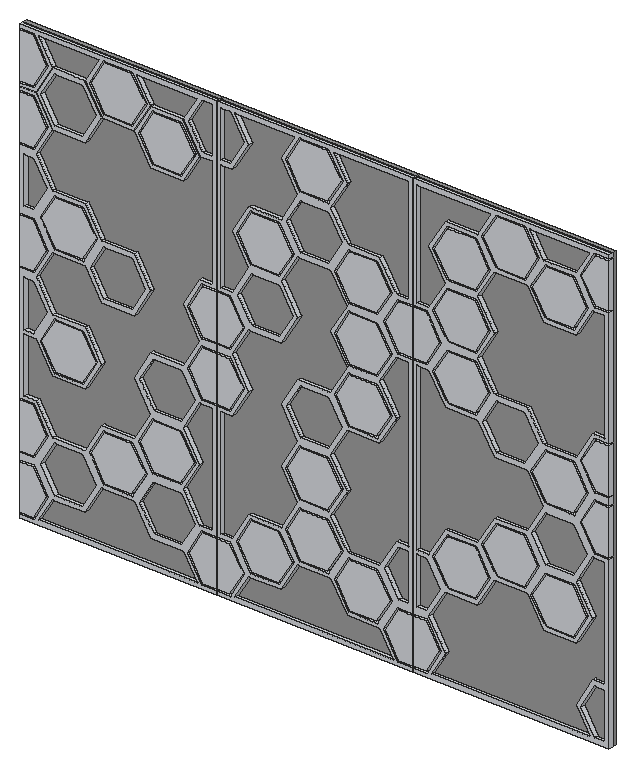
Revit family "SUR-PGL-018_HEX LATTICE_RFA", category Modelos genéricos, Revit 2022
Family settings
  Puede alojar armadura = No
  Cota de conector redondo = Diámetro de uso
  Tipo de pieza = Normal
  Se basa en plano de trabajo = No
  Siempre vertical = Sí
  Corte con vacíos al cargar = No
  Mantener orientación de anotación = No
  Compartido = No
  Punto de cálculo de habitación = No
Parameters
  Elevación por defecto = 0.00"
Reference planes (in)
  plane 1 "Centro (Frontal/Posterior)": y = 0
  plane 2: z = 0
  plane 3 "Centro (Izquierda/Derecha)": x = 0
Forms (in)
  Extrusion 1, solid, not visible
    sketch origin (0, 0, 0) x (1, 0, 0) y (0, 1, 0)
      loop
        line (0, 2.25) -> (0, 0) -> (108, 0) -> (108, 2.25) -> (0, 2.25)
    from 0 to 8
  Extrusion 2, solid, not visible
    sketch origin (0, 0, 0) x (1, 0, 0) y (0, 1, 0)
      loop
        line (0, 2.25) -> (0, 0) -> (108, 0) -> (108, 2.25) -> (0, 2.25)
    from 0 to 8
  Extrusion 3, solid, not visible
    sketch origin (0, 8, 0) x (1, 0, 0) y (0, 1, 0)
      loop
        line (0, 2.25) -> (0, 0) -> (108, 0) -> (108, 2.25) -> (0, 2.25)
    from 0 to 8
  Extrusion 4, solid, not visible
    sketch origin (0, 16, 0) x (1, 0, 0) y (0, 1, 0)
      loop
        line (0, 2.25) -> (0, 0) -> (108, 0) -> (108, 2.25) -> (0, 2.25)
    from 0 to 8
  Extrusion 5, solid, not visible
    sketch origin (0, 24, 0) x (1, 0, 0) y (0, 1, 0)
      loop
        line (0, 2.25) -> (0, 0) -> (108, 0) -> (108, 2.25) -> (0, 2.25)
    from 0 to 8
  Extrusion 6, solid, not visible
    sketch origin (0, 32, 0) x (1, 0, 0) y (0, 1, 0)
      loop
        line (0, 2.25) -> (0, 0) -> (108, 0) -> (108, 2.25) -> (0, 2.25)
    from 0 to 8
  Extrusion 7, solid, not visible
    sketch origin (0, 40, 0) x (1, 0, 0) y (0, 1, 0)
      loop
        line (0, 2.25) -> (0, 0) -> (108, 0) -> (108, 2.25) -> (0, 2.25)
    from 0 to 8
  Extrusion 8, solid, not visible
    sketch origin (0, 48, 0) x (1, 0, 0) y (0, 1, 0)
      loop
        line (0, 2.25) -> (0, 0) -> (108, 0) -> (108, 2.25) -> (0, 2.25)
    from 0 to 8
  Extrusion 9, solid, not visible
    sketch origin (0, 56, 0) x (1, 0, 0) y (0, 1, 0)
      loop
        line (0, 2.25) -> (0, 0) -> (108, 0) -> (108, 2.25) -> (0, 2.25)
    from 0 to 8
  Extrusion 10, solid, not visible
    sketch origin (0, 64, 0) x (1, 0, 0) y (0, 1, 0)
      loop
        line (0, 2.25) -> (0, 0) -> (108, 0) -> (108, 2.25) -> (0, 2.25)
    from 0 to 8
  Extrusion 11, solid, not visible
    sketch origin (0, 72, 0) x (1, 0, 0) y (0, 1, 0)
      loop
        line (0, 2.25) -> (0, 0) -> (108, 0) -> (108, 2.25) -> (0, 2.25)
    from 0 to 8
  Extrusion 12, solid, not visible
    sketch origin (0, 80, 0) x (1, 0, 0) y (0, 1, 0)
      loop
        line (0, 2.25) -> (0, 0) -> (108, 0) -> (108, 2.25) -> (0, 2.25)
    from 0 to 8
  Extrusion 13, solid, not visible
    sketch origin (0, 88, 0) x (1, 0, 0) y (0, 1, 0)
      loop
        line (0, 2.25) -> (0, 0) -> (108, 0) -> (108, 2.25) -> (0, 2.25)
    from 0 to 8
  Extrusion 14, solid, not visible
    sketch origin (0, 96, 0) x (1, 0, 0) y (0, 1, 0)
      loop
        line (0, 2.25) -> (0, 0) -> (108, 0) -> (108, 2.25) -> (0, 2.25)
    from 0 to 8
  Extrusion 15, solid, not visible
    sketch origin (0, 104, 0) x (1, 0, 0) y (0, 1, 0)
      loop
        line (0, 2.25) -> (0, 0) -> (108, 0) -> (108, 2.25) -> (0, 2.25)
    from 0 to 8
  Extrusion 16, solid, not visible
    sketch origin (0, 112, 0) x (1, 0, 0) y (0, 1, 0)
      loop
        line (0, 2.25) -> (0, 0) -> (108, 0) -> (108, 2.25) -> (0, 2.25)
    from 0 to 8
  Extrusion 17, solid, not visible
    sketch origin (0, 120, 0) x (1, 0, 0) y (0, 1, 0)
      loop
        line (0, 2.25) -> (0, 0) -> (108, 0) -> (108, 2.25) -> (0, 2.25)
    from 0 to 8
  Extrusion 18, solid, not visible
    sketch origin (0, 128, 0) x (1, 0, 0) y (0, 1, 0)
      loop
        line (0, 2.25) -> (0, 0) -> (108, 0) -> (108, 2.25) -> (0, 2.25)
    from 0 to 8
  Extrusion 19, solid, not visible
    sketch origin (0, 136, 0) x (1, 0, 0) y (0, 1, 0)
      loop
        line (0, 2.25) -> (0, 0) -> (108, 0) -> (108, 2.25) -> (0, 2.25)
    from 0 to 8
  Extrusion 20, solid, not visible
    sketch origin (0, 144, 0) x (1, 0, 0) y (0, 1, 0)
      loop
        line (0, 2.25) -> (0, 0) -> (108, 0) -> (108, 2.25) -> (0, 2.25)
    from 0 to 8
  Extrusion 21, solid, not visible
    sketch origin (0, 152, 0) x (1, 0, 0) y (0, 1, 0)
      loop
        line (0, 2.25) -> (0, 0) -> (108, 0) -> (108, 2.25) -> (0, 2.25)
    from 0 to 8
  Extrusion 22, solid, not visible
    sketch origin (109, 0, 0) x (1, 0, 0) y (0, 1, 0)
      loop
        line (0, 2.25) -> (0, 0) -> (108, 0) -> (108, 2.25) -> (0, 2.25)
    from 0 to 8
  Extrusion 23, solid, not visible
    sketch origin (109, 8, 0) x (1, 0, 0) y (0, 1, 0)
      loop
        line (0, 2.25) -> (0, 0) -> (108, 0) -> (108, 2.25) -> (0, 2.25)
    from 0 to 8
  Extrusion 24, solid, not visible
    sketch origin (109, 16, 0) x (1, 0, 0) y (0, 1, 0)
      loop
        line (0, 2.25) -> (0, 0) -> (108, 0) -> (108, 2.25) -> (0, 2.25)
    from 0 to 8
  Extrusion 25, solid, not visible
    sketch origin (109, 24, 0) x (1, 0, 0) y (0, 1, 0)
      loop
        line (0, 2.25) -> (0, 0) -> (108, 0) -> (108, 2.25) -> (0, 2.25)
    from 0 to 8
  Extrusion 26, solid, not visible
    sketch origin (109, 32, 0) x (1, 0, 0) y (0, 1, 0)
      loop
        line (0, 2.25) -> (0, 0) -> (108, 0) -> (108, 2.25) -> (0, 2.25)
    from 0 to 8
  Extrusion 27, solid, not visible
    sketch origin (109, 40, 0) x (1, 0, 0) y (0, 1, 0)
      loop
        line (0, 2.25) -> (0, 0) -> (108, 0) -> (108, 2.25) -> (0, 2.25)
    from 0 to 8
  Extrusion 28, solid, not visible
    sketch origin (109, 48, 0) x (1, 0, 0) y (0, 1, 0)
      loop
        line (0, 2.25) -> (0, 0) -> (108, 0) -> (108, 2.25) -> (0, 2.25)
    from 0 to 8
  Extrusion 29, solid, not visible
    sketch origin (109, 56, 0) x (1, 0, 0) y (0, 1, 0)
      loop
        line (0, 2.25) -> (0, 0) -> (108, 0) -> (108, 2.25) -> (0, 2.25)
    from 0 to 8
  Extrusion 30, solid, not visible
    sketch origin (109, 64, 0) x (1, 0, 0) y (0, 1, 0)
      loop
        line (0, 2.25) -> (0, 0) -> (108, 0) -> (108, 2.25) -> (0, 2.25)
    from 0 to 8
  Extrusion 31, solid, not visible
    sketch origin (109, 72, 0) x (1, 0, 0) y (0, 1, 0)
      loop
        line (0, 2.25) -> (0, 0) -> (108, 0) -> (108, 2.25) -> (0, 2.25)
    from 0 to 8
  Extrusion 32, solid, not visible
    sketch origin (109, 80, 0) x (1, 0, 0) y (0, 1, 0)
      loop
        line (0, 2.25) -> (0, 0) -> (108, 0) -> (108, 2.25) -> (0, 2.25)
    from 0 to 8
  Extrusion 33, solid, not visible
    sketch origin (109, 88, 0) x (1, 0, 0) y (0, 1, 0)
      loop
        line (0, 2.25) -> (0, 0) -> (108, 0) -> (108, 2.25) -> (0, 2.25)
    from 0 to 8
  Extrusion 34, solid, not visible
    sketch origin (109, 96, 0) x (1, 0, 0) y (0, 1, 0)
      loop
        line (0, 2.25) -> (0, 0) -> (108, 0) -> (108, 2.25) -> (0, 2.25)
    from 0 to 8
  Extrusion 35, solid, not visible
    sketch origin (109, 104, 0) x (1, 0, 0) y (0, 1, 0)
      loop
        line (0, 2.25) -> (0, 0) -> (108, 0) -> (108, 2.25) -> (0, 2.25)
    from 0 to 8
  Extrusion 36, solid, not visible
    sketch origin (109, 112, 0) x (1, 0, 0) y (0, 1, 0)
      loop
        line (0, 2.25) -> (0, 0) -> (108, 0) -> (108, 2.25) -> (0, 2.25)
    from 0 to 8
  Extrusion 37, solid, not visible
    sketch origin (109, 120, 0) x (1, 0, 0) y (0, 1, 0)
      loop
        line (0, 2.25) -> (0, 0) -> (108, 0) -> (108, 2.25) -> (0, 2.25)
    from 0 to 8
  Extrusion 38, solid, not visible
    sketch origin (109, 128, 0) x (1, 0, 0) y (0, 1, 0)
      loop
        line (0, 2.25) -> (0, 0) -> (108, 0) -> (108, 2.25) -> (0, 2.25)
    from 0 to 8
  Extrusion 39, solid, not visible
    sketch origin (109, 136, 0) x (1, 0, 0) y (0, 1, 0)
      loop
        line (0, 2.25) -> (0, 0) -> (108, 0) -> (108, 2.25) -> (0, 2.25)
    from 0 to 8
  Extrusion 40, solid, not visible
    sketch origin (109, 144, 0) x (1, 0, 0) y (0, 1, 0)
      loop
        line (0, 2.25) -> (0, 0) -> (108, 0) -> (108, 2.25) -> (0, 2.25)
    from 0 to 8
  Extrusion 41, solid, not visible
    sketch origin (109, 152, 0) x (1, 0, 0) y (0, 1, 0)
      loop
        line (0, 2.25) -> (0, 0) -> (108, 0) -> (108, 2.25) -> (0, 2.25)
    from 0 to 8
  Extrusion 42, solid, not visible
    sketch origin (-108, 0, 0) x (1, 0, 0) y (0, 1, 0)
      loop
        line (0, 2.25) -> (0, 0) -> (108, 0) -> (108, 2.25) -> (0, 2.25)
    from 0 to 8
  Extrusion 43, solid, not visible
    sketch origin (-108, 8, 0) x (1, 0, 0) y (0, 1, 0)
      loop
        line (0, 2.25) -> (0, 0) -> (108, 0) -> (108, 2.25) -> (0, 2.25)
    from 0 to 8
  Extrusion 44, solid, not visible
    sketch origin (-108, 16, 0) x (1, 0, 0) y (0, 1, 0)
      loop
        line (0, 2.25) -> (0, 0) -> (108, 0) -> (108, 2.25) -> (0, 2.25)
    from 0 to 8
  Extrusion 45, solid, not visible
    sketch origin (-108, 24, 0) x (1, 0, 0) y (0, 1, 0)
      loop
        line (0, 2.25) -> (0, 0) -> (108, 0) -> (108, 2.25) -> (0, 2.25)
    from 0 to 8
  Extrusion 46, solid, not visible
    sketch origin (-108, 32, 0) x (1, 0, 0) y (0, 1, 0)
      loop
        line (0, 2.25) -> (0, 0) -> (108, 0) -> (108, 2.25) -> (0, 2.25)
    from 0 to 8
  Extrusion 47, solid, not visible
    sketch origin (-108, 40, 0) x (1, 0, 0) y (0, 1, 0)
      loop
        line (0, 2.25) -> (0, 0) -> (108, 0) -> (108, 2.25) -> (0, 2.25)
    from 0 to 8
  Extrusion 48, solid, not visible
    sketch origin (1, 0, 0) x (1, 0, 0) y (0, 1, 0)
      loop
        line (0, 2.25) -> (0, 0) -> (108, 0) -> (108, 2.25) -> (0, 2.25)
    from 0 to 8
  Extrusion 49, solid, not visible
    sketch origin (1, 8, 0) x (1, 0, 0) y (0, 1, 0)
      loop
        line (0, 2.25) -> (0, 0) -> (108, 0) -> (108, 2.25) -> (0, 2.25)
    from 0 to 8
  Extrusion 50, solid, not visible
    sketch origin (1, 16, 0) x (1, 0, 0) y (0, 1, 0)
      loop
        line (0, 2.25) -> (0, 0) -> (108, 0) -> (108, 2.25) -> (0, 2.25)
    from 0 to 8
  Extrusion 51, solid, not visible
    sketch origin (1, 24, 0) x (1, 0, 0) y (0, 1, 0)
      loop
        line (0, 2.25) -> (0, 0) -> (108, 0) -> (108, 2.25) -> (0, 2.25)
    from 0 to 8
  Extrusion 52, solid, not visible
    sketch origin (1, 32, 0) x (1, 0, 0) y (0, 1, 0)
      loop
        line (0, 2.25) -> (0, 0) -> (108, 0) -> (108, 2.25) -> (0, 2.25)
    from 0 to 8
  Extrusion 53, solid, not visible
    sketch origin (1, 40, 0) x (1, 0, 0) y (0, 1, 0)
      loop
        line (0, 2.25) -> (0, 0) -> (108, 0) -> (108, 2.25) -> (0, 2.25)
    from 0 to 8
  Extrusion 54, solid, not visible
    sketch origin (-108, 48, 0) x (1, 0, 0) y (0, 1, 0)
      loop
        line (0, 2.25) -> (0, 0) -> (108, 0) -> (108, 2.25) -> (0, 2.25)
    from 0 to 8
  Extrusion 55, solid, not visible
    sketch origin (-108, 56, 0) x (1, 0, 0) y (0, 1, 0)
      loop
        line (0, 2.25) -> (0, 0) -> (108, 0) -> (108, 2.25) -> (0, 2.25)
    from 0 to 8
  Extrusion 56, solid, not visible
    sketch origin (-108, 64, 0) x (1, 0, 0) y (0, 1, 0)
      loop
        line (0, 2.25) -> (0, 0) -> (108, 0) -> (108, 2.25) -> (0, 2.25)
    from 0 to 8
  Extrusion 57, solid, not visible
    sketch origin (-108, 72, 0) x (1, 0, 0) y (0, 1, 0)
      loop
        line (0, 2.25) -> (0, 0) -> (108, 0) -> (108, 2.25) -> (0, 2.25)
    from 0 to 8
  Extrusion 58, solid, not visible
    sketch origin (-108, 80, 0) x (1, 0, 0) y (0, 1, 0)
      loop
        line (0, 2.25) -> (0, 0) -> (108, 0) -> (108, 2.25) -> (0, 2.25)
    from 0 to 8
  Extrusion 59, solid, not visible
    sketch origin (1, 48, 0) x (1, 0, 0) y (0, 1, 0)
      loop
        line (0, 2.25) -> (0, 0) -> (108, 0) -> (108, 2.25) -> (0, 2.25)
    from 0 to 8
  Extrusion 60, solid, not visible
    sketch origin (1, 56, 0) x (1, 0, 0) y (0, 1, 0)
      loop
        line (0, 2.25) -> (0, 0) -> (108, 0) -> (108, 2.25) -> (0, 2.25)
    from 0 to 8
  Extrusion 61, solid, not visible
    sketch origin (1, 64, 0) x (1, 0, 0) y (0, 1, 0)
      loop
        line (0, 2.25) -> (0, 0) -> (108, 0) -> (108, 2.25) -> (0, 2.25)
    from 0 to 8
  Extrusion 62, solid, not visible
    sketch origin (1, 72, 0) x (1, 0, 0) y (0, 1, 0)
      loop
        line (0, 2.25) -> (0, 0) -> (108, 0) -> (108, 2.25) -> (0, 2.25)
    from 0 to 8
  Extrusion 63, solid, not visible
    sketch origin (1, 80, 0) x (1, 0, 0) y (0, 1, 0)
      loop
        line (0, 2.25) -> (0, 0) -> (108, 0) -> (108, 2.25) -> (0, 2.25)
    from 0 to 8
  Extrusion 64, solid, not visible
    sketch origin (-108, 88, 0) x (1, 0, 0) y (0, 1, 0)
      loop
        line (0, 2.25) -> (0, 0) -> (108, 0) -> (108, 2.25) -> (0, 2.25)
    from 0 to 8
  Extrusion 65, solid, not visible
    sketch origin (-108, 96, 0) x (1, 0, 0) y (0, 1, 0)
      loop
        line (0, 2.25) -> (0, 0) -> (108, 0) -> (108, 2.25) -> (0, 2.25)
    from 0 to 8
  Extrusion 66, solid, not visible
    sketch origin (-108, 104, 0) x (1, 0, 0) y (0, 1, 0)
      loop
        line (0, 2.25) -> (0, 0) -> (108, 0) -> (108, 2.25) -> (0, 2.25)
    from 0 to 8
  Extrusion 67, solid, not visible
    sketch origin (-108, 112, 0) x (1, 0, 0) y (0, 1, 0)
      loop
        line (0, 2.25) -> (0, 0) -> (108, 0) -> (108, 2.25) -> (0, 2.25)
    from 0 to 8
  Extrusion 68, solid, not visible
    sketch origin (-108, 120, 0) x (1, 0, 0) y (0, 1, 0)
      loop
        line (0, 2.25) -> (0, 0) -> (108, 0) -> (108, 2.25) -> (0, 2.25)
    from 0 to 8
  Extrusion 69, solid, not visible
    sketch origin (1, 88, 0) x (1, 0, 0) y (0, 1, 0)
      loop
        line (0, 2.25) -> (0, 0) -> (108, 0) -> (108, 2.25) -> (0, 2.25)
    from 0 to 8
  Extrusion 70, solid, not visible
    sketch origin (1, 96, 0) x (1, 0, 0) y (0, 1, 0)
      loop
        line (0, 2.25) -> (0, 0) -> (108, 0) -> (108, 2.25) -> (0, 2.25)
    from 0 to 8
  Extrusion 71, solid, not visible
    sketch origin (1, 104, 0) x (1, 0, 0) y (0, 1, 0)
      loop
        line (0, 2.25) -> (0, 0) -> (108, 0) -> (108, 2.25) -> (0, 2.25)
    from 0 to 8
  Extrusion 72, solid, not visible
    sketch origin (1, 112, 0) x (1, 0, 0) y (0, 1, 0)
      loop
        line (0, 2.25) -> (0, 0) -> (108, 0) -> (108, 2.25) -> (0, 2.25)
    from 0 to 8
  Extrusion 73, solid, not visible
    sketch origin (1, 120, 0) x (1, 0, 0) y (0, 1, 0)
      loop
        line (0, 2.25) -> (0, 0) -> (108, 0) -> (108, 2.25) -> (0, 2.25)
    from 0 to 8
  Extrusion 74, solid, not visible
    sketch origin (-108, 128, 0) x (1, 0, 0) y (0, 1, 0)
      loop
        line (0, 2.25) -> (0, 0) -> (108, 0) -> (108, 2.25) -> (0, 2.25)
    from 0 to 8
  Extrusion 75, solid, not visible
    sketch origin (-108, 136, 0) x (1, 0, 0) y (0, 1, 0)
      loop
        line (0, 2.25) -> (0, 0) -> (108, 0) -> (108, 2.25) -> (0, 2.25)
    from 0 to 8
  Extrusion 76, solid, not visible
    sketch origin (-108, 144, 0) x (1, 0, 0) y (0, 1, 0)
      loop
        line (0, 2.25) -> (0, 0) -> (108, 0) -> (108, 2.25) -> (0, 2.25)
    from 0 to 8
  Extrusion 77, solid, not visible
    sketch origin (-108, 152, 0) x (1, 0, 0) y (0, 1, 0)
      loop
        line (0, 2.25) -> (0, 0) -> (108, 0) -> (108, 2.25) -> (0, 2.25)
    from 0 to 8
  Extrusion 78, solid, not visible
    sketch origin (-108, 160, 0) x (1, 0, 0) y (0, 1, 0)
      loop
        line (0, 2.25) -> (0, 0) -> (108, 0) -> (108, 2.25) -> (0, 2.25)
    from 0 to 8
  Extrusion 79, solid, not visible
    sketch origin (1, 128, 0) x (1, 0, 0) y (0, 1, 0)
      loop
        line (0, 2.25) -> (0, 0) -> (108, 0) -> (108, 2.25) -> (0, 2.25)
    from 0 to 8
  Extrusion 80, solid, not visible
    sketch origin (1, 136, 0) x (1, 0, 0) y (0, 1, 0)
      loop
        line (0, 2.25) -> (0, 0) -> (108, 0) -> (108, 2.25) -> (0, 2.25)
    from 0 to 8
  Extrusion 81, solid, not visible
    sketch origin (1, 144, 0) x (1, 0, 0) y (0, 1, 0)
      loop
        line (0, 2.25) -> (0, 0) -> (108, 0) -> (108, 2.25) -> (0, 2.25)
    from 0 to 8
  Extrusion 82, solid, not visible
    sketch origin (1, 152, 0) x (1, 0, 0) y (0, 1, 0)
      loop
        line (0, 2.25) -> (0, 0) -> (108, 0) -> (108, 2.25) -> (0, 2.25)
    from 0 to 8
  Extrusion 83, solid, not visible
    sketch origin (1, 160, 0) x (1, 0, 0) y (0, 1, 0)
      loop
        line (0, 2.25) -> (0, 0) -> (108, 0) -> (108, 2.25) -> (0, 2.25)
    from 0 to 8
  Extrusion 84, solid, not visible
    sketch origin (0, 0, 0) x (1, 0, 0) y (0, 1, 0)
      loop
        line (0, 3) -> (0, 0) -> (108, 0) -> (108, 3) -> (0, 3)
    from 0 to 8
  Extrusion 85, void, not visible
    sketch origin (0, 0, 0) x (1, 0, 0) y (0, 1, 0)
      loop
        line (6, 2) -> (6, 1) -> (66, 1) -> (66, 2) -> (6, 2)
    from 0 to 1.03
  Extrusion 86, solid, not visible
    sketch origin (0, 0, 0) x (1, 0, 0) y (0, 1, 0)
      loop
        line (0, 3) -> (0, 0) -> (108, 0) -> (108, 3) -> (0, 3)
    from 0 to 8
  Extrusion 87, void, not visible
    sketch origin (0, 0, 0) x (1, 0, 0) y (0, 1, 0)
      loop
        line (6, 2) -> (6, 1) -> (66, 1) -> (66, 2) -> (6, 2)
    from 0 to 1.03
  Extrusion 88, solid, not visible
    sketch origin (0, 0, 0) x (1, 0, 0) y (0, 1, 0)
      loop
        line (6, 2) -> (6, 1) -> (66, 1) -> (66, 2) -> (6, 2)
    from 0 to 1.03
  Extrusion 89, solid, not visible
    sketch origin (0, 32, 0) x (1, 0, 0) y (0, 1, 0)
      loop
        line (0, 3) -> (0, 0) -> (108, 0) -> (108, 3) -> (0, 3)
    from 0 to 8
  Extrusion 90, void, not visible
    sketch origin (0, 32, 0) x (1, 0, 0) y (0, 1, 0)
      loop
        line (6, 2) -> (6, 1) -> (102, 1) -> (102, 2) -> (6, 2)
    from 0 to 1.03
  Extrusion 91, solid, not visible
    sketch origin (8.95842, -18.67436, 0) x (1, 0, 0) y (0, 1, 0)
      loop
        line (-8.48642, 97.64679) -> (-8.48642, 97.17436) -> (98.56914, 97.17436) -> (98.56914, 97.64679) -> (-8.48642, 97.64679)
    from 0.59055 to 8
  Extrusion 92, solid, not visible
    sketch origin (8.95842, -16.6468, 0) x (1, 0, 0) y (0, 1, 0)
      loop
        line (-8.48642, 97.64679) -> (-8.48642, 97.17436) -> (98.56914, 97.17436) -> (98.56914, 97.64679) -> (-8.48642, 97.64679)
    from 0.59055 to 8
  Extrusion 93, solid, not visible
    sketch origin (60.46912, 110.28574, 0) x (1, 0, 0) y (0, 1, 0)
      loop
        line (45.03088, -29.28574) -> (-57.96911, -29.28574) -> (-57.96911, -31.78574) -> (45.03088, -31.78574) -> (45.03088, -29.28574)
      loop
        line (23.78088, -31.03574) -> (41.78088, -31.03574) -> (41.78088, -30.03574) -> (23.78088, -30.03574) -> (23.78088, -31.03574)
      loop
        line (-54.71912, -31.03574) -> (-36.71912, -31.03574) -> (-36.71912, -30.03574) -> (-54.71912, -30.03574) -> (-54.71912, -31.03574)
    from 0 to 0.59055
  Extrusion 94, solid, not visible
    sketch origin (108, 51.5, 0) x (0, 1, 0) y (-1, 0, 0)
      loop
        line (27.75, 102.25) -> (27.75, 84.25) -> (28.75, 84.25) -> (28.75, 102.25) -> (27.75, 102.25)
    from 0 to 1
  Extrusion 95, solid, not visible
    sketch origin (186.5, 51.5, 0) x (0, 1, 0) y (-1, 0, 0)
      loop
        line (27.75, 102.25) -> (27.75, 84.25) -> (28.75, 84.25) -> (28.75, 102.25) -> (27.75, 102.25)
    from 0 to 1
  Extrusion 96, solid, not visible
    sketch origin (8.95842, -44.42438, 0) x (1, 0, 0) y (0, 1, 0)
      loop
        line (-8.48642, 97.64679) -> (-8.48642, 97.17436) -> (98.56914, 97.17436) -> (98.56914, 97.64679) -> (-8.48642, 97.64679)
    from 0.59055 to 8
  Extrusion 97, solid, not visible
    sketch origin (8.95842, -42.39682, 0) x (1, 0, 0) y (0, 1, 0)
      loop
        line (-8.48642, 97.64679) -> (-8.48642, 97.17436) -> (98.56914, 97.17436) -> (98.56914, 97.64679) -> (-8.48642, 97.64679)
    from 0.59055 to 8
  Extrusion 98, solid, not visible
    sketch origin (60.46912, 84.53571, 0) x (1, 0, 0) y (0, 1, 0)
      loop
        line (45.03088, -29.28574) -> (-57.96911, -29.28574) -> (-57.96911, -31.78574) -> (45.03088, -31.78574) -> (45.03088, -29.28574)
      loop
        line (-28.96912, -31.03574) -> (-10.96912, -31.03574) -> (-10.96912, -30.03574) -> (-28.96912, -30.03574) -> (-28.96912, -31.03574)
      loop
        line (-3.21912, -31.03571) -> (14.78088, -31.03571) -> (14.78088, -30.03571) -> (-3.21912, -30.03571) -> (-3.21912, -31.03571)
    from 0 to 0.59055
  Extrusion 99, solid, not visible
    sketch origin (133.74998, 25.74998, 0) x (0, 1, 0) y (-1, 0, 0)
      loop
        line (27.75, 102.25) -> (27.75, 84.25) -> (28.75, 84.25) -> (28.75, 102.25) -> (27.75, 102.25)
    from 0 to 1
  Extrusion 100, solid, not visible
    sketch origin (159.49998, 25.74998, 0) x (0, 1, 0) y (-1, 0, 0)
      loop
        line (27.75, 102.25) -> (27.75, 84.25) -> (28.75, 84.25) -> (28.75, 102.25) -> (27.75, 102.25)
    from 0 to 1
  Extrusion 101, solid, not visible
    sketch origin (8.95842, -70.17436, 0) x (1, 0, 0) y (0, 1, 0)
      loop
        line (-8.48642, 97.64679) -> (-8.48642, 97.17436) -> (98.56914, 97.17436) -> (98.56914, 97.64679) -> (-8.48642, 97.64679)
    from 0.59055 to 8
  Extrusion 102, solid, not visible
    sketch origin (8.95842, -68.1468, 0) x (1, 0, 0) y (0, 1, 0)
      loop
        line (-8.48642, 97.64679) -> (-8.48642, 97.17436) -> (98.56914, 97.17436) -> (98.56914, 97.64679) -> (-8.48642, 97.64679)
    from 0.59055 to 8
  Extrusion 103, solid, not visible
    sketch origin (60.46912, 58.78574, 0) x (1, 0, 0) y (0, 1, 0)
      loop
        line (45.03088, -29.28574) -> (-57.96911, -29.28574) -> (-57.96911, -31.78574) -> (45.03088, -31.78574) -> (45.03088, -29.28574)
      loop
        line (23.78088, -31.03574) -> (41.78088, -31.03574) -> (41.78088, -30.03574) -> (23.78088, -30.03574) -> (23.78088, -31.03574)
      loop
        line (-54.71912, -31.03574) -> (-36.71912, -31.03574) -> (-36.71912, -30.03574) -> (-54.71912, -30.03574) -> (-54.71912, -31.03574)
    from 0 to 0.59055
  Extrusion 104, solid, not visible
    sketch origin (108, 0, 0) x (0, 1, 0) y (-1, 0, 0)
      loop
        line (27.75, 102.25) -> (27.75, 84.25) -> (28.75, 84.25) -> (28.75, 102.25) -> (27.75, 102.25)
    from 0 to 1
  Extrusion 105, solid, not visible
    sketch origin (186.5, 0, 0) x (0, 1, 0) y (-1, 0, 0)
      loop
        line (27.75, 102.25) -> (27.75, 84.25) -> (28.75, 84.25) -> (28.75, 102.25) -> (27.75, 102.25)
    from 0 to 1
  Extrusion 106, solid, not visible
    sketch origin (-70.17436, 99.04114, 0) x (0, -1, 0) y (1, 0, 0)
      loop
        line (-8.48642, 97.64679) -> (-8.48642, 97.17436) -> (98.56914, 97.17436) -> (98.56914, 97.64679) -> (-8.48642, 97.64679)
    from 0.59055 to 8
  Extrusion 107, solid, not visible
    sketch origin (-68.1468, 99.04114, 0) x (0, -1, 0) y (1, 0, 0)
      loop
        line (-8.48642, 97.64679) -> (-8.48642, 97.17436) -> (98.56914, 97.17436) -> (98.56914, 97.64679) -> (-8.48642, 97.64679)
    from 0.59055 to 8
  Extrusion 108, solid, not visible
    sketch origin (-2.28571, 86.21912, 0) x (0, 1, 0) y (-1, 0, 0)
      loop
        line (19.28088, -29.28574) -> (-83.71912, -29.28574) -> (-83.71912, -31.78574) -> (19.28088, -31.78574) -> (19.28088, -29.28574)
      loop
        line (16.03088, -31.03571) -> (16.03088, -30.03571) -> (-1.96912, -30.03571) -> (-1.96912, -31.03571) -> (16.03088, -31.03571)
      loop
        line (-62.46912, -31.03571) -> (-62.46912, -30.03571) -> (-80.46912, -30.03571) -> (-80.46912, -31.03571) -> (-62.46912, -31.03571)
    from 0 to 0.59055
  Extrusion 109, solid, not visible
    sketch origin (0, 0, 0) x (1, 0, 0) y (0, 1, 0)
      loop
        line (27.75, 102.25) -> (27.75, 84.25) -> (28.75, 84.25) -> (28.75, 102.25) -> (27.75, 102.25)
    from 0 to 1
  Extrusion 110, solid, not visible
    sketch origin (0, -78.5, 0) x (1, 0, 0) y (0, 1, 0)
      loop
        line (27.75, 102.25) -> (27.75, 84.25) -> (28.75, 84.25) -> (28.75, 102.25) -> (27.75, 102.25)
    from 0 to 1
  Extrusion 111, solid, not visible
    sketch origin (-44.89438, 99.04114, 0) x (0, -1, 0) y (1, 0, 0)
      loop
        line (-8.48642, 97.64679) -> (-8.48642, 97.17436) -> (98.56914, 97.17436) -> (98.56914, 97.64679) -> (-8.48642, 97.64679)
    from 0.59055 to 8
  Extrusion 112, solid, not visible
    sketch origin (-42.39682, 99.04114, 0) x (0, -1, 0) y (1, 0, 0)
      loop
        line (-8.48642, 97.64679) -> (-8.48642, 97.17436) -> (98.56914, 97.17436) -> (98.56914, 97.64679) -> (-8.48642, 97.64679)
    from 0.59055 to 8
  Extrusion 113, solid, not visible
    sketch origin (23.46427, 86.21912, 0) x (0, 1, 0) y (-1, 0, 0)
      loop
        line (19.28088, -28.81571) -> (-83.71912, -28.81571) -> (-83.71912, -31.78574) -> (19.28088, -31.78574) -> (19.28088, -28.81571)
      loop
        line (-28.96912, -29.78573) -> (-28.96912, -30.78571) -> (-10.96912, -30.78571) -> (-10.96912, -29.78573) -> (-28.96912, -29.78573)
      loop
        line (-54.71914, -29.78573) -> (-54.71914, -30.78573) -> (-36.71914, -30.78573) -> (-36.71914, -29.78573) -> (-54.71914, -29.78573)
    from 0 to 0.59055
  Extrusion 114, solid, not visible
    sketch origin (25.74998, -27, 0) x (1, 0, 0) y (0, 1, 0)
      loop
        line (27.50002, 102.25) -> (27.50002, 84.25) -> (28.5, 84.25) -> (28.5, 102.25) -> (27.50002, 102.25)
    from 0 to 1
  Extrusion 115, solid, not visible
    sketch origin (25.74998, -52.75002, 0) x (1, 0, 0) y (0, 1, 0)
      loop
        line (27.50002, 102.25) -> (27.50002, 84.25) -> (28.50002, 84.25) -> (28.50002, 102.25) -> (27.50002, 102.25)
    from 0 to 1
  Extrusion 116, solid, not visible
    sketch origin (-18.67436, 99.04114, 0) x (0, -1, 0) y (1, 0, 0)
      loop
        line (-8.48642, 97.64679) -> (-8.48642, 97.17436) -> (98.56914, 97.17436) -> (98.56914, 97.64679) -> (-8.48642, 97.64679)
    from 0.59055 to 8
  Extrusion 117, solid, not visible
    sketch origin (-16.6468, 99.04114, 0) x (0, -1, 0) y (1, 0, 0)
      loop
        line (-8.48642, 97.64679) -> (-8.48642, 97.17436) -> (98.56914, 97.17436) -> (98.56914, 97.64679) -> (-8.48642, 97.64679)
    from 0.59055 to 8
  Extrusion 118, solid, not visible
    sketch origin (49.21426, 86.21912, 0) x (0, 1, 0) y (-1, 0, 0)
      loop
        line (19.28088, -29.28574) -> (-83.71912, -29.28574) -> (-83.71912, -31.78574) -> (19.28088, -31.78574) -> (19.28088, -29.28574)
      loop
        line (16.03088, -31.03571) -> (16.03088, -30.03571) -> (-1.96912, -30.03571) -> (-1.96912, -31.03571) -> (16.03088, -31.03571)
      loop
        line (-62.46912, -31.03571) -> (-62.46912, -30.03571) -> (-80.46912, -30.03571) -> (-80.46912, -31.03571) -> (-62.46912, -31.03571)
    from 0 to 0.59055
  Extrusion 119, solid, not visible
    sketch origin (51.49997, 0, 0) x (1, 0, 0) y (0, 1, 0)
      loop
        line (27.75, 102.25) -> (27.75, 84.25) -> (28.75, 84.25) -> (28.75, 102.25) -> (27.75, 102.25)
    from 0 to 1
  Extrusion 120, solid, not visible
    sketch origin (51.49997, -78.5, 0) x (1, 0, 0) y (0, 1, 0)
      loop
        line (27.75, 102.25) -> (27.75, 84.25) -> (28.75, 84.25) -> (28.75, 102.25) -> (27.75, 102.25)
    from 0 to 1
  Extrusion 121, solid, not visible
    sketch origin (10.23509, 91.82771, 0) x (0, -1, 0) y (1, 0, 0)
      loop
        line (-16.17229, 97.76491) -> (-15.69986, 97.29248) -> (91.35527, 97.29248) -> (91.82771, 97.76491) -> (-16.17229, 97.76491)
    from 0.59055 to 8
  Extrusion 122, solid, not visible
    sketch origin (137.28574, 61.88413, 0) x (0, 1, 0) y (-1, 0, 0)
      loop
        line (46.11587, 29.28574) -> (43.61587, 31.78574) -> (-59.38412, 31.78574) -> (-61.88412, 29.28574) -> (46.11587, 29.28574)
    from 0 to 0.59055
  Extrusion 123, solid, not visible
    sketch origin (8.20754, 91.82771, 0) x (0, -1, 0) y (1, 0, 0)
      loop
        line (-14.14474, 97.76491) -> (-13.67231, 97.29248) -> (89.32772, 97.29248) -> (89.80016, 97.76491) -> (-14.14474, 97.76491)
    from 0.59055 to 8.22418
  Extrusion 124, solid, not visible
    sketch origin (18.95842, 10.23509, 0) x (1, 0, 0) y (0, 1, 0)
      loop
        line (-18.95842, 97.76491) -> (-18.48598, 97.29247) -> (88.56914, 97.29247) -> (89.04158, 97.76491) -> (-18.95842, 97.76491)
    from 0.59055 to 8
  Extrusion 125, solid, not visible
    sketch origin (61.88413, 137.28574, 0) x (1, 0, 0) y (0, 1, 0)
      loop
        line (46.11587, -29.28574) -> (-61.88412, -29.28574) -> (-59.38412, -31.78574) -> (43.61587, -31.78574) -> (46.11587, -29.28574)
    from 0 to 0.59055
  Extrusion 126, solid, not visible
    sketch origin (18.95842, 8.20753, 0) x (1, 0, 0) y (0, 1, 0)
      loop
        line (-16.93086, 97.76491) -> (-16.45842, 97.29247) -> (86.54158, 97.29247) -> (87.01402, 97.76491) -> (-16.93086, 97.76491)
    from 0.59055 to 8
  Extrusion 127, solid, not visible
    sketch origin (-101.24865, 87.31603, 0) x (0, -1, 0) y (1, 0, 0)
      loop
        line (-20.21152, 101.72109) -> (-20.68397, 101.24865) -> (87.31604, 101.24865) -> (86.84359, 101.72109) -> (-20.21152, 101.72109)
    from 0.47244 to 8
  Extrusion 128, solid, not visible
    sketch origin (-29.28573, 61.88413, 0) x (0, 1, 0) y (-1, 0, 0)
      loop
        line (46.11587, -29.28574) -> (-61.88412, -29.28574) -> (-59.38412, -31.78574) -> (43.61587, -31.78574) -> (46.11587, -29.28574)
    from 0 to 0.59055
  Extrusion 129, solid, not visible
    sketch origin (-99.22109, 87.31603, 0) x (0, -1, 0) y (1, 0, 0)
      loop
        line (-18.18396, 101.72109) -> (-18.65641, 101.24865) -> (85.28848, 101.24865) -> (84.81603, 101.72109) -> (-18.18396, 101.72109)
    from 0.47244 to 8
  Extrusion 130, solid, not visible
    sketch origin (61.88413, -29.28574, 0) x (1, 0, 0) y (0, 1, 0)
      loop
        line (46.11587, 29.28574) -> (43.61587, 31.78574) -> (-59.38412, 31.78574) -> (-61.88412, 29.28574) -> (46.11587, 29.28574)
    from 0 to 0.47244
  Extrusion 131, solid, not visible
    sketch origin (8.95842, -97.17435, 0) x (1, 0, 0) y (0, 1, 0)
      loop
        line (-8.48598, 97.64679) -> (-8.95842, 97.17436) -> (99.04157, 97.17436) -> (98.56914, 97.64679) -> (-8.48598, 97.64679)
    from 0.59055 to 8
  Extrusion 132, solid, not visible
    sketch origin (8.95842, -95.14679, 0) x (1, 0, 0) y (0, 1, 0)
      loop
        line (-6.45842, 97.64679) -> (-6.93085, 97.17436) -> (97.01401, 97.17436) -> (96.54158, 97.64679) -> (-6.45842, 97.64679)
    from 0.59055 to 8
  Extrusion 133, solid, not visible
    sketch origin (61.88413, -29.28574, 0) x (1, 0, 0) y (0, 1, 0)
      loop
        line (46.11587, 29.28574) -> (43.61587, 31.78574) -> (-59.38412, 31.78574) -> (-61.88412, 29.28574) -> (46.11587, 29.28574)
    from 0 to 0.47244
  Extrusion 134, solid, not visible
    sketch origin (18.95842, 10.23509, 0) x (1, 0, 0) y (0, 1, 0)
      loop
        line (-18.95842, 97.76491) -> (-18.48598, 97.29247) -> (88.56914, 97.29247) -> (89.04158, 97.76491) -> (-18.95842, 97.76491)
    from 0.59055 to 8
  Extrusion 135, solid, not visible
    sketch origin (8.95842, -97.17435, 0) x (1, 0, 0) y (0, 1, 0)
      loop
        line (-8.48598, 97.64679) -> (-8.95842, 97.17436) -> (99.04157, 97.17436) -> (98.56914, 97.64679) -> (-8.48598, 97.64679)
    from 0.59055 to 8
  Extrusion 136, solid, not visible
    sketch origin (10.23509, 91.82771, 0) x (0, -1, 0) y (1, 0, 0)
      loop
        line (-16.17229, 97.76491) -> (-15.69986, 97.29248) -> (91.35527, 97.29248) -> (91.82771, 97.76491) -> (-16.17229, 97.76491)
    from 0.59055 to 8
  Extrusion 137, solid, not visible
    sketch origin (-101.24865, 87.31603, 0) x (0, -1, 0) y (1, 0, 0)
      loop
        line (-20.21152, 101.72109) -> (-20.68397, 101.24865) -> (87.31604, 101.24865) -> (86.84359, 101.72109) -> (-20.21152, 101.72109)
    from 0.47244 to 8
  Extrusion 138, solid, not visible
    sketch origin (61.88413, 137.28574, 0) x (1, 0, 0) y (0, 1, 0)
      loop
        line (46.11587, -29.28574) -> (-61.88412, -29.28574) -> (-59.38412, -31.78574) -> (43.61587, -31.78574) -> (46.11587, -29.28574)
    from 0 to 0.59055
  Extrusion 139, solid, not visible
    sketch origin (-29.28573, 61.88413, 0) x (0, 1, 0) y (-1, 0, 0)
      loop
        line (46.11587, -29.28574) -> (-61.88412, -29.28574) -> (-59.38412, -31.78574) -> (43.61587, -31.78574) -> (46.11587, -29.28574)
    from 0 to 0.59055
  Extrusion 140, solid, not visible
    sketch origin (137.28574, 61.88413, 0) x (0, 1, 0) y (-1, 0, 0)
      loop
        line (46.11587, 29.28574) -> (43.61587, 31.78574) -> (-59.38412, 31.78574) -> (-61.88412, 29.28574) -> (46.11587, 29.28574)
    from 0 to 0.59055
  Extrusion 141, solid, not visible
    sketch origin (8.95842, -95.14679, 0) x (1, 0, 0) y (0, 1, 0)
      loop
        line (-6.45842, 97.64679) -> (-6.93085, 97.17436) -> (97.01401, 97.17436) -> (96.54158, 97.64679) -> (-6.45842, 97.64679)
    from 0.59055 to 8
  Extrusion 142, solid, not visible
    sketch origin (-99.22109, 87.31603, 0) x (0, -1, 0) y (1, 0, 0)
      loop
        line (-18.18396, 101.72109) -> (-18.65641, 101.24865) -> (85.28848, 101.24865) -> (84.81603, 101.72109) -> (-18.18396, 101.72109)
    from 0.47244 to 8
  Extrusion 143, solid, not visible
    sketch origin (18.95842, 8.20753, 0) x (1, 0, 0) y (0, 1, 0)
      loop
        line (-16.93086, 97.76491) -> (-16.45842, 97.29247) -> (86.54158, 97.29247) -> (87.01402, 97.76491) -> (-16.93086, 97.76491)
    from 0.59055 to 8
  Extrusion 144, solid, not visible
    sketch origin (8.20754, 91.82771, 0) x (0, -1, 0) y (1, 0, 0)
      loop
        line (-14.14474, 97.76491) -> (-13.67231, 97.29248) -> (89.32772, 97.29248) -> (89.80016, 97.76491) -> (-14.14474, 97.76491)
    from 0.59055 to 8.22418
  Extrusion 145, solid, not visible
    sketch origin (8.95842, -70.17436, 0) x (1, 0, 0) y (0, 1, 0)
      loop
        line (-8.48642, 97.64679) -> (-8.48642, 97.17436) -> (98.56914, 97.17436) -> (98.56914, 97.64679) -> (-8.48642, 97.64679)
    from 0.59055 to 8
  Extrusion 146, solid, not visible
    sketch origin (8.95842, -68.1468, 0) x (1, 0, 0) y (0, 1, 0)
      loop
        line (-8.48642, 97.64679) -> (-8.48642, 97.17436) -> (98.56914, 97.17436) -> (98.56914, 97.64679) -> (-8.48642, 97.64679)
    from 0.59055 to 8
  Extrusion 147, solid, not visible
    sketch origin (8.95842, -44.42438, 0) x (1, 0, 0) y (0, 1, 0)
      loop
        line (-8.48642, 97.64679) -> (-8.48642, 97.17436) -> (98.56914, 97.17436) -> (98.56914, 97.64679) -> (-8.48642, 97.64679)
    from 0.59055 to 8
  Extrusion 148, solid, not visible
    sketch origin (8.95842, -42.39682, 0) x (1, 0, 0) y (0, 1, 0)
      loop
        line (-8.48642, 97.64679) -> (-8.48642, 97.17436) -> (98.56914, 97.17436) -> (98.56914, 97.64679) -> (-8.48642, 97.64679)
    from 0.59055 to 8
  Extrusion 149, solid, not visible
    sketch origin (8.95842, -18.67436, 0) x (1, 0, 0) y (0, 1, 0)
      loop
        line (-8.48642, 97.64679) -> (-8.48642, 97.17436) -> (98.56914, 97.17436) -> (98.56914, 97.64679) -> (-8.48642, 97.64679)
    from 0.59055 to 8
  Extrusion 150, solid, not visible
    sketch origin (8.95842, -16.6468, 0) x (1, 0, 0) y (0, 1, 0)
      loop
        line (-8.48642, 97.64679) -> (-8.48642, 97.17436) -> (98.56914, 97.17436) -> (98.56914, 97.64679) -> (-8.48642, 97.64679)
    from 0.59055 to 8
  Extrusion 151, solid, not visible
    sketch origin (-70.17436, 99.04114, 0) x (0, -1, 0) y (1, 0, 0)
      loop
        line (-8.48642, 97.64679) -> (-8.48642, 97.17436) -> (98.56914, 97.17436) -> (98.56914, 97.64679) -> (-8.48642, 97.64679)
    from 0.59055 to 8
  Extrusion 152, solid, not visible
    sketch origin (-68.1468, 99.04114, 0) x (0, -1, 0) y (1, 0, 0)
      loop
        line (-8.48642, 97.64679) -> (-8.48642, 97.17436) -> (98.56914, 97.17436) -> (98.56914, 97.64679) -> (-8.48642, 97.64679)
    from 0.59055 to 8
  Extrusion 153, solid, not visible
    sketch origin (-44.89438, 99.04114, 0) x (0, -1, 0) y (1, 0, 0)
      loop
        line (-8.48642, 97.64679) -> (-8.48642, 97.17436) -> (98.56914, 97.17436) -> (98.56914, 97.64679) -> (-8.48642, 97.64679)
    from 0.59055 to 8
  Extrusion 154, solid, not visible
    sketch origin (-42.39682, 99.04114, 0) x (0, -1, 0) y (1, 0, 0)
      loop
        line (-8.48642, 97.64679) -> (-8.48642, 97.17436) -> (98.56914, 97.17436) -> (98.56914, 97.64679) -> (-8.48642, 97.64679)
    from 0.59055 to 8
  Extrusion 155, solid, not visible
    sketch origin (-18.67436, 99.04114, 0) x (0, -1, 0) y (1, 0, 0)
      loop
        line (-8.48642, 97.64679) -> (-8.48642, 97.17436) -> (98.56914, 97.17436) -> (98.56914, 97.64679) -> (-8.48642, 97.64679)
    from 0.59055 to 8
  Extrusion 156, solid, not visible
    sketch origin (-16.6468, 99.04114, 0) x (0, -1, 0) y (1, 0, 0)
      loop
        line (-8.48642, 97.64679) -> (-8.48642, 97.17436) -> (98.56914, 97.17436) -> (98.56914, 97.64679) -> (-8.48642, 97.64679)
    from 0.59055 to 8
  Extrusion 157, solid, not visible
    sketch origin (60.46912, 110.28574, 0) x (1, 0, 0) y (0, 1, 0)
      loop
        line (45.03088, -29.28574) -> (-57.96911, -29.28574) -> (-57.96911, -31.78574) -> (45.03088, -31.78574) -> (45.03088, -29.28574)
      loop
        line (23.78088, -31.03574) -> (41.78088, -31.03574) -> (41.78088, -30.03574) -> (23.78088, -30.03574) -> (23.78088, -31.03574)
      loop
        line (-54.71912, -31.03574) -> (-36.71912, -31.03574) -> (-36.71912, -30.03574) -> (-54.71912, -30.03574) -> (-54.71912, -31.03574)
    from 0 to 0.59055
  Extrusion 158, solid, not visible
    sketch origin (60.46912, 84.53571, 0) x (1, 0, 0) y (0, 1, 0)
      loop
        line (45.03088, -29.28574) -> (-57.96911, -29.28574) -> (-57.96911, -31.78574) -> (45.03088, -31.78574) -> (45.03088, -29.28574)
      loop
        line (-28.96912, -31.03574) -> (-10.96912, -31.03574) -> (-10.96912, -30.03574) -> (-28.96912, -30.03574) -> (-28.96912, -31.03574)
      loop
        line (-3.21912, -31.03571) -> (14.78088, -31.03571) -> (14.78088, -30.03571) -> (-3.21912, -30.03571) -> (-3.21912, -31.03571)
    from 0 to 0.59055
  Extrusion 159, solid, not visible
    sketch origin (60.46912, 58.78574, 0) x (1, 0, 0) y (0, 1, 0)
      loop
        line (45.03088, -29.28574) -> (-57.96911, -29.28574) -> (-57.96911, -31.78574) -> (45.03088, -31.78574) -> (45.03088, -29.28574)
      loop
        line (23.78088, -31.03574) -> (41.78088, -31.03574) -> (41.78088, -30.03574) -> (23.78088, -30.03574) -> (23.78088, -31.03574)
      loop
        line (-54.71912, -31.03574) -> (-36.71912, -31.03574) -> (-36.71912, -30.03574) -> (-54.71912, -30.03574) -> (-54.71912, -31.03574)
    from 0 to 0.59055
  Extrusion 160, solid, not visible
    sketch origin (23.46427, 86.21912, 0) x (0, 1, 0) y (-1, 0, 0)
      loop
        line (19.28088, -28.81571) -> (-83.71912, -28.81571) -> (-83.71912, -31.78574) -> (19.28088, -31.78574) -> (19.28088, -28.81571)
      loop
        line (-28.96912, -29.78573) -> (-28.96912, -30.78571) -> (-10.96912, -30.78571) -> (-10.96912, -29.78573) -> (-28.96912, -29.78573)
      loop
        line (-54.71914, -29.78573) -> (-54.71914, -30.78573) -> (-36.71914, -30.78573) -> (-36.71914, -29.78573) -> (-54.71914, -29.78573)
    from 0 to 0.59055
  Extrusion 161, solid, not visible
    sketch origin (-2.28571, 86.21912, 0) x (0, 1, 0) y (-1, 0, 0)
      loop
        line (19.28088, -29.28574) -> (-83.71912, -29.28574) -> (-83.71912, -31.78574) -> (19.28088, -31.78574) -> (19.28088, -29.28574)
      loop
        line (16.03088, -31.03571) -> (16.03088, -30.03571) -> (-1.96912, -30.03571) -> (-1.96912, -31.03571) -> (16.03088, -31.03571)
      loop
        line (-62.46912, -31.03571) -> (-62.46912, -30.03571) -> (-80.46912, -30.03571) -> (-80.46912, -31.03571) -> (-62.46912, -31.03571)
    from 0 to 0.59055
  Extrusion 162, solid, not visible
    sketch origin (49.21426, 86.21912, 0) x (0, 1, 0) y (-1, 0, 0)
      loop
        line (19.28088, -29.28574) -> (-83.71912, -29.28574) -> (-83.71912, -31.78574) -> (19.28088, -31.78574) -> (19.28088, -29.28574)
      loop
        line (16.03088, -31.03571) -> (16.03088, -30.03571) -> (-1.96912, -30.03571) -> (-1.96912, -31.03571) -> (16.03088, -31.03571)
      loop
        line (-62.46912, -31.03571) -> (-62.46912, -30.03571) -> (-80.46912, -30.03571) -> (-80.46912, -31.03571) -> (-62.46912, -31.03571)
    from 0 to 0.59055
  Extrusion 163, solid, not visible
    sketch origin (0, 0, 0) x (1, 0, 0) y (0, 1, 0)
      loop
        line (27.75, 102.25) -> (27.75, 84.25) -> (28.75, 84.25) -> (28.75, 102.25) -> (27.75, 102.25)
    from 0 to 1
  Extrusion 164, solid, not visible
    sketch origin (0, -78.5, 0) x (1, 0, 0) y (0, 1, 0)
      loop
        line (27.75, 102.25) -> (27.75, 84.25) -> (28.75, 84.25) -> (28.75, 102.25) -> (27.75, 102.25)
    from 0 to 1
  Extrusion 165, solid, not visible
    sketch origin (51.49997, 0, 0) x (1, 0, 0) y (0, 1, 0)
      loop
        line (27.75, 102.25) -> (27.75, 84.25) -> (28.75, 84.25) -> (28.75, 102.25) -> (27.75, 102.25)
    from 0 to 1
  Extrusion 166, solid, not visible
    sketch origin (51.49997, -78.5, 0) x (1, 0, 0) y (0, 1, 0)
      loop
        line (27.75, 102.25) -> (27.75, 84.25) -> (28.75, 84.25) -> (28.75, 102.25) -> (27.75, 102.25)
    from 0 to 1
  Extrusion 167, solid, not visible
    sketch origin (25.74998, -27, 0) x (1, 0, 0) y (0, 1, 0)
      loop
        line (27.50002, 102.25) -> (27.50002, 84.25) -> (28.5, 84.25) -> (28.5, 102.25) -> (27.50002, 102.25)
    from 0 to 1
  Extrusion 168, solid, not visible
    sketch origin (25.74998, -52.75002, 0) x (1, 0, 0) y (0, 1, 0)
      loop
        line (27.50002, 102.25) -> (27.50002, 84.25) -> (28.50002, 84.25) -> (28.50002, 102.25) -> (27.50002, 102.25)
    from 0 to 1
  Extrusion 169, solid, not visible
    sketch origin (108, 0, 0) x (0, 1, 0) y (-1, 0, 0)
      loop
        line (27.75, 102.25) -> (27.75, 84.25) -> (28.75, 84.25) -> (28.75, 102.25) -> (27.75, 102.25)
    from 0 to 1
  Extrusion 170, solid, not visible
    sketch origin (186.5, 0, 0) x (0, 1, 0) y (-1, 0, 0)
      loop
        line (27.75, 102.25) -> (27.75, 84.25) -> (28.75, 84.25) -> (28.75, 102.25) -> (27.75, 102.25)
    from 0 to 1
  Extrusion 171, solid, not visible
    sketch origin (108, 51.5, 0) x (0, 1, 0) y (-1, 0, 0)
      loop
        line (27.75, 102.25) -> (27.75, 84.25) -> (28.75, 84.25) -> (28.75, 102.25) -> (27.75, 102.25)
    from 0 to 1
  Extrusion 172, solid, not visible
    sketch origin (186.5, 51.5, 0) x (0, 1, 0) y (-1, 0, 0)
      loop
        line (27.75, 102.25) -> (27.75, 84.25) -> (28.75, 84.25) -> (28.75, 102.25) -> (27.75, 102.25)
    from 0 to 1
  Extrusion 173, solid, not visible
    sketch origin (133.74998, 25.74998, 0) x (0, 1, 0) y (-1, 0, 0)
      loop
        line (27.75, 102.25) -> (27.75, 84.25) -> (28.75, 84.25) -> (28.75, 102.25) -> (27.75, 102.25)
    from 0 to 1
  Extrusion 174, solid, not visible
    sketch origin (159.49998, 25.74998, 0) x (0, 1, 0) y (-1, 0, 0)
      loop
        line (27.75, 102.25) -> (27.75, 84.25) -> (28.75, 84.25) -> (28.75, 102.25) -> (27.75, 102.25)
    from 0 to 1
  Extrusion 175, solid, not visible
    sketch origin (0, 0, 0) x (1, 0, 0) y (0, 1, 0)
      loop
        line (24.34376, 0.56617) -> (24.34376, 24.31617) -> (0.59376, 24.31617) -> (0.59376, 0.56617) -> (24.34376, 0.56617)
    from 0.11811 to 0.59055
  Extrusion 176, solid, not visible
    sketch origin (0, 0, 0) x (1, 0, 0) y (0, 1, 0)
      loop
        line (24.34376, 0.56617) -> (24.34376, 24.31617) -> (0.59376, 24.31617) -> (0.59376, 0.56617) -> (24.34376, 0.56617)
    from 0 to 0.11811
  Extrusion 177, solid, not visible
    sketch origin (24, 0, 0) x (1, 0, 0) y (0, 1, 0)
      loop
        line (24.34376, 0.56617) -> (24.34376, 24.31617) -> (0.59376, 24.31617) -> (0.59376, 0.56617) -> (24.34376, 0.56617)
    from 0.11811 to 0.59055
  Extrusion 178, solid, not visible
    sketch origin (24, 0, 0) x (1, 0, 0) y (0, 1, 0)
      loop
        line (24.34376, 0.56617) -> (24.34376, 24.31617) -> (0.59376, 24.31617) -> (0.59376, 0.56617) -> (24.34376, 0.56617)
    from 0 to 0.11811
  Extrusion 179, solid, not visible
    sketch origin (48, 0, 0) x (1, 0, 0) y (0, 1, 0)
      loop
        line (24.34376, 0.56617) -> (24.34376, 24.31617) -> (0.59376, 24.31617) -> (0.59376, 0.56617) -> (24.34376, 0.56617)
    from 0.11811 to 0.59055
  Extrusion 180, solid, not visible
    sketch origin (48, 0, 0) x (1, 0, 0) y (0, 1, 0)
      loop
        line (24.34376, 0.56617) -> (24.34376, 24.31617) -> (0.59376, 24.31617) -> (0.59376, 0.56617) -> (24.34376, 0.56617)
    from 0 to 0.11811
  Extrusion 181, solid, not visible
    sketch origin (72, 0, 0) x (1, 0, 0) y (0, 1, 0)
      loop
        line (24.34376, 0.56617) -> (24.34376, 24.31617) -> (0.59376, 24.31617) -> (0.59376, 0.56617) -> (24.34376, 0.56617)
    from 0.11811 to 0.59055
  Extrusion 182, solid, not visible
    sketch origin (72, 0, 0) x (1, 0, 0) y (0, 1, 0)
      loop
        line (24.34376, 0.56617) -> (24.34376, 24.31617) -> (0.59376, 24.31617) -> (0.59376, 0.56617) -> (24.34376, 0.56617)
    from 0 to 0.11811
  Extrusion 183, solid, not visible
    sketch origin (0, 24, 0) x (1, 0, 0) y (0, 1, 0)
      loop
        line (24.34376, 0.56617) -> (24.34376, 24.31617) -> (0.59376, 24.31617) -> (0.59376, 0.56617) -> (24.34376, 0.56617)
    from 0.11811 to 0.59055
  Extrusion 184, solid, not visible
    sketch origin (0, 24, 0) x (1, 0, 0) y (0, 1, 0)
      loop
        line (24.34376, 0.56617) -> (24.34376, 24.31617) -> (0.59376, 24.31617) -> (0.59376, 0.56617) -> (24.34376, 0.56617)
    from 0 to 0.11811
  Extrusion 185, solid, not visible
    sketch origin (24, 24, 0) x (1, 0, 0) y (0, 1, 0)
      loop
        line (24.34376, 0.56617) -> (24.34376, 24.31617) -> (0.59376, 24.31617) -> (0.59376, 0.56617) -> (24.34376, 0.56617)
    from 0.11811 to 0.59055
  Extrusion 186, solid, not visible
    sketch origin (24, 24, 0) x (1, 0, 0) y (0, 1, 0)
      loop
        line (24.34376, 0.56617) -> (24.34376, 24.31617) -> (0.59376, 24.31617) -> (0.59376, 0.56617) -> (24.34376, 0.56617)
    from 0 to 0.11811
  Extrusion 187, solid, not visible
    sketch origin (48, 24, 0) x (1, 0, 0) y (0, 1, 0)
      loop
        line (24.34376, 0.56617) -> (24.34376, 24.31617) -> (0.59376, 24.31617) -> (0.59376, 0.56617) -> (24.34376, 0.56617)
    from 0.11811 to 0.59055
  Extrusion 188, solid, not visible
    sketch origin (48, 24, 0) x (1, 0, 0) y (0, 1, 0)
      loop
        line (24.34376, 0.56617) -> (24.34376, 24.31617) -> (0.59376, 24.31617) -> (0.59376, 0.56617) -> (24.34376, 0.56617)
    from 0 to 0.11811
  Extrusion 189, solid, not visible
    sketch origin (72, 24, 0) x (1, 0, 0) y (0, 1, 0)
      loop
        line (24.34376, 0.56617) -> (24.34376, 24.31617) -> (0.59376, 24.31617) -> (0.59376, 0.56617) -> (24.34376, 0.56617)
    from 0.11811 to 0.59055
  Extrusion 190, solid, not visible
    sketch origin (72, 24, 0) x (1, 0, 0) y (0, 1, 0)
      loop
        line (24.34376, 0.56617) -> (24.34376, 24.31617) -> (0.59376, 24.31617) -> (0.59376, 0.56617) -> (24.34376, 0.56617)
    from 0 to 0.11811
  Extrusion 191, solid, not visible
    sketch origin (0, 48, 0) x (1, 0, 0) y (0, 1, 0)
      loop
        line (24.34376, 0.56617) -> (24.34376, 24.31617) -> (0.59376, 24.31617) -> (0.59376, 0.56617) -> (24.34376, 0.56617)
    from 0.11811 to 0.59055
  Extrusion 192, solid, not visible
    sketch origin (0, 48, 0) x (1, 0, 0) y (0, 1, 0)
      loop
        line (24.34376, 0.56617) -> (24.34376, 24.31617) -> (0.59376, 24.31617) -> (0.59376, 0.56617) -> (24.34376, 0.56617)
    from 0 to 0.11811
  Extrusion 193, solid, not visible
    sketch origin (24, 48, 0) x (1, 0, 0) y (0, 1, 0)
      loop
        line (24.34376, 0.56617) -> (24.34376, 24.31617) -> (0.59376, 24.31617) -> (0.59376, 0.56617) -> (24.34376, 0.56617)
    from 0.11811 to 0.59055
  Extrusion 194, solid, not visible
    sketch origin (24, 48, 0) x (1, 0, 0) y (0, 1, 0)
      loop
        line (24.34376, 0.56617) -> (24.34376, 24.31617) -> (0.59376, 24.31617) -> (0.59376, 0.56617) -> (24.34376, 0.56617)
    from 0 to 0.11811
  Extrusion 195, solid, not visible
    sketch origin (48, 48, 0) x (1, 0, 0) y (0, 1, 0)
      loop
        line (24.34376, 0.56617) -> (24.34376, 24.31617) -> (0.59376, 24.31617) -> (0.59376, 0.56617) -> (24.34376, 0.56617)
    from 0.11811 to 0.59055
  Extrusion 196, solid, not visible
    sketch origin (48, 48, 0) x (1, 0, 0) y (0, 1, 0)
      loop
        line (24.34376, 0.56617) -> (24.34376, 24.31617) -> (0.59376, 24.31617) -> (0.59376, 0.56617) -> (24.34376, 0.56617)
    from 0 to 0.11811
  Extrusion 197, solid, not visible
    sketch origin (72, 48, 0) x (1, 0, 0) y (0, 1, 0)
      loop
        line (24.34376, 0.56617) -> (24.34376, 24.31617) -> (0.59376, 24.31617) -> (0.59376, 0.56617) -> (24.34376, 0.56617)
    from 0.11811 to 0.59055
  Extrusion 198, solid, not visible
    sketch origin (72, 48, 0) x (1, 0, 0) y (0, 1, 0)
      loop
        line (24.34376, 0.56617) -> (24.34376, 24.31617) -> (0.59376, 24.31617) -> (0.59376, 0.56617) -> (24.34376, 0.56617)
    from 0 to 0.11811
  Extrusion 199, solid, not visible
    sketch origin (0, 72, 0) x (1, 0, 0) y (0, 1, 0)
      loop
        line (24.34376, 0.56617) -> (24.34376, 24.31617) -> (0.59376, 24.31617) -> (0.59376, 0.56617) -> (24.34376, 0.56617)
    from 0.11811 to 0.59055
  Extrusion 200, solid, not visible
    sketch origin (0, 72, 0) x (1, 0, 0) y (0, 1, 0)
      loop
        line (24.34376, 0.56617) -> (24.34376, 24.31617) -> (0.59376, 24.31617) -> (0.59376, 0.56617) -> (24.34376, 0.56617)
    from 0 to 0.11811
  Extrusion 201, solid, not visible
    sketch origin (24, 72, 0) x (1, 0, 0) y (0, 1, 0)
      loop
        line (24.34376, 0.56617) -> (24.34376, 24.31617) -> (0.59376, 24.31617) -> (0.59376, 0.56617) -> (24.34376, 0.56617)
    from 0.11811 to 0.59055
  Extrusion 202, solid, not visible
    sketch origin (24, 72, 0) x (1, 0, 0) y (0, 1, 0)
      loop
        line (24.34376, 0.56617) -> (24.34376, 24.31617) -> (0.59376, 24.31617) -> (0.59376, 0.56617) -> (24.34376, 0.56617)
    from 0 to 0.11811
  Extrusion 203, solid, not visible
    sketch origin (48, 72, 0) x (1, 0, 0) y (0, 1, 0)
      loop
        line (24.34376, 0.56617) -> (24.34376, 24.31617) -> (0.59376, 24.31617) -> (0.59376, 0.56617) -> (24.34376, 0.56617)
    from 0.11811 to 0.59055
  Extrusion 204, solid, not visible
    sketch origin (48, 72, 0) x (1, 0, 0) y (0, 1, 0)
      loop
        line (24.34376, 0.56617) -> (24.34376, 24.31617) -> (0.59376, 24.31617) -> (0.59376, 0.56617) -> (24.34376, 0.56617)
    from 0 to 0.11811
  Extrusion 205, solid, not visible
    sketch origin (72, 72, 0) x (1, 0, 0) y (0, 1, 0)
      loop
        line (24.34376, 0.56617) -> (24.34376, 24.31617) -> (0.59376, 24.31617) -> (0.59376, 0.56617) -> (24.34376, 0.56617)
    from 0.11811 to 0.59055
  Extrusion 206, solid, not visible
    sketch origin (72, 72, 0) x (1, 0, 0) y (0, 1, 0)
      loop
        line (24.34376, 0.56617) -> (24.34376, 24.31617) -> (0.59376, 24.31617) -> (0.59376, 0.56617) -> (24.34376, 0.56617)
    from 0 to 0.11811
  Extrusion 207, solid, not visible
    sketch origin (0, 0, 0) x (0, 1, 0) y (0, 0, 1)
      loop
        line (0.42221, 1.66259) -> (0.42231, 0.67354)
        arc (0.42231, 0.67354) -> (0.41009, 0.64403) -> (0.38057, 0.6318) r 0.04174
        line (0.38057, 0.6318) -> (-0.00639, 0.6318) -> (-0.00639, 0.59057) -> (0.8874, 0.59057) -> (0.8874, 0.6318) -> (0.49998, 0.6318)
        arc (0.49998, 0.6318) -> (0.47046, 0.64403) -> (0.45824, 0.67354) r 0.04174
        line (0.45824, 0.67354) -> (0.45834, 1.66259)
        arc (0.45834, 1.66259) -> (0.46543, 1.67969) -> (0.48252, 1.68677) r 0.02418
        line (0.48252, 1.68677) -> (0.52252, 1.68677)
        arc (0.52252, 1.68677) -> (0.55303, 1.69941) -> (0.56566, 1.72991) r 0.04314
        line (0.56566, 1.72991) -> (0.56566, 2.14095)
        arc (0.56566, 2.14095) -> (0.5626, 2.15637) -> (0.55386, 2.16944) r 0.04029
        line (0.55386, 2.16944) -> (0.47053, 2.25277)
        arc (0.47053, 2.25277) -> (0.44027, 2.2653) -> (0.41002, 2.25277) r 0.04279
        line (0.41002, 2.25277) -> (0.32669, 2.16944)
        arc (0.32669, 2.16944) -> (0.31795, 2.15637) -> (0.31489, 2.14095) r 0.04029
        line (0.31489, 2.14095) -> (0.31489, 1.72991)
        arc (0.31489, 1.72991) -> (0.32752, 1.69941) -> (0.35803, 1.68677) r 0.04314
        line (0.35803, 1.68677) -> (0.39803, 1.68677)
        arc (0.39803, 1.68677) -> (0.41512, 1.67969) -> (0.42221, 1.66259) r 0.02418
      loop
        arc (0.33294, 1.7291) -> (0.34005, 1.71194) -> (0.35722, 1.70483) r 0.02428
        line (0.35722, 1.70483) -> (0.39815, 1.70483)
        arc (0.39815, 1.70483) -> (0.42797, 1.69248) -> (0.44023, 1.66266) r 0.04217
        arc (0.44023, 1.66266) -> (0.45258, 1.69248) -> (0.4824, 1.70483) r 0.04217
        line (0.4824, 1.70483) -> (0.52333, 1.70483)
        arc (0.52333, 1.70483) -> (0.54049, 1.71194) -> (0.54761, 1.7291) r 0.02428
        line (0.54761, 1.7291) -> (0.54761, 2.15016) -> (0.45704, 2.24072)
        arc (0.45704, 2.24072) -> (0.44027, 2.24767) -> (0.42351, 2.24072) r 0.02371
        line (0.42351, 2.24072) -> (0.33294, 2.15016) -> (0.33294, 1.7291)
    from 0 to 96.9361
  Extrusion 208, solid, not visible
    sketch origin (0, 24, 0) x (0, 1, 0) y (0, 0, 1)
      loop
        line (0.42221, 1.66259) -> (0.42231, 0.67354)
        arc (0.42231, 0.67354) -> (0.41009, 0.64403) -> (0.38057, 0.6318) r 0.04174
        line (0.38057, 0.6318) -> (-0.00639, 0.6318) -> (-0.00639, 0.59057) -> (0.8874, 0.59057) -> (0.8874, 0.6318) -> (0.49998, 0.6318)
        arc (0.49998, 0.6318) -> (0.47046, 0.64403) -> (0.45824, 0.67354) r 0.04174
        line (0.45824, 0.67354) -> (0.45834, 1.66259)
        arc (0.45834, 1.66259) -> (0.46543, 1.67969) -> (0.48252, 1.68677) r 0.02418
        line (0.48252, 1.68677) -> (0.52252, 1.68677)
        arc (0.52252, 1.68677) -> (0.55303, 1.69941) -> (0.56566, 1.72991) r 0.04314
        line (0.56566, 1.72991) -> (0.56566, 2.14095)
        arc (0.56566, 2.14095) -> (0.5626, 2.15637) -> (0.55386, 2.16944) r 0.04029
        line (0.55386, 2.16944) -> (0.47053, 2.25277)
        arc (0.47053, 2.25277) -> (0.44027, 2.2653) -> (0.41002, 2.25277) r 0.04279
        line (0.41002, 2.25277) -> (0.32669, 2.16944)
        arc (0.32669, 2.16944) -> (0.31795, 2.15637) -> (0.31489, 2.14095) r 0.04029
        line (0.31489, 2.14095) -> (0.31489, 1.72991)
        arc (0.31489, 1.72991) -> (0.32752, 1.69941) -> (0.35803, 1.68677) r 0.04314
        line (0.35803, 1.68677) -> (0.39803, 1.68677)
        arc (0.39803, 1.68677) -> (0.41512, 1.67969) -> (0.42221, 1.66259) r 0.02418
      loop
        arc (0.33294, 1.7291) -> (0.34005, 1.71194) -> (0.35722, 1.70483) r 0.02428
        line (0.35722, 1.70483) -> (0.39815, 1.70483)
        arc (0.39815, 1.70483) -> (0.42797, 1.69248) -> (0.44023, 1.66266) r 0.04217
        arc (0.44023, 1.66266) -> (0.45258, 1.69248) -> (0.4824, 1.70483) r 0.04217
        line (0.4824, 1.70483) -> (0.52333, 1.70483)
        arc (0.52333, 1.70483) -> (0.54049, 1.71194) -> (0.54761, 1.7291) r 0.02428
        line (0.54761, 1.7291) -> (0.54761, 2.15016) -> (0.45704, 2.24072)
        arc (0.45704, 2.24072) -> (0.44027, 2.24767) -> (0.42351, 2.24072) r 0.02371
